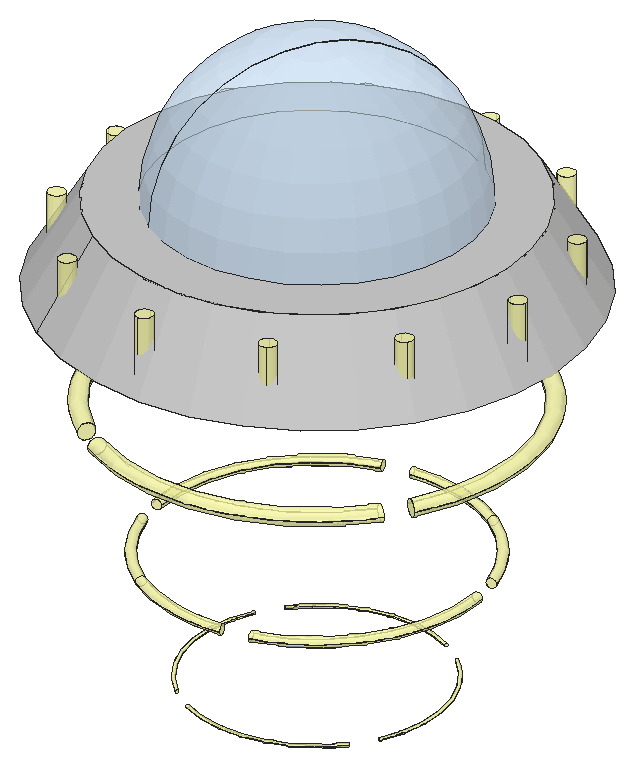
Revit family "UFO", category Generic Models, Revit 2020
Family settings
  Can host rebar = No
  Round Connector Dimension = Use Diameter
  Part Type = Normal
  Work Plane-Based = No
  Always vertical = Yes
  Cut with Voids When Loaded = No
  Shared = No
  Room Calculation Point = No
Parameters (values of type "UFO_main")
  show_beam [instance] = yes
  angle [instance] = 58.00°
  Default Elevation = 0 mm
Reference planes
  plane 1 "Center (Front/Back)": y = 0
  plane 2: z = 0
  plane 3 "Center (Left/Right)": x = 0
Lines and regions (mm)
  reference lines
    curve 1: line (0, 0, 0) -> (1006.847, 1611.291, 0)
Dimensions and locks
  "angle": angle plane 1 "Center (Front/Back)" to curve 1
  aligned and locked: plane 2 to level
  aligned and locked: plane 1 "Center (Front/Back)" to curve 1
  aligned and locked: plane 3 "Center (Left/Right)" to curve 1
Nested families
  nested 1: "UFO_lift" at (0, 0, 0) x (-0.5299, -0.848, 0) z (0.848, -0.5299, 0), show_beam <- "show_beam", type "Family1"
    with show_beam yes
  nested 2: "UFO_unit" at (0, 0, 3000) x (0.5299, 0.848, 0) z (0, 0, 1), type "UFO_unit"
    with show_beam yes
Definition of nested family "UFO_unit"
  Parameters (values of type "UFO_unit")
    show_beam [instance] = yes
    Default Elevation = 0 mm
  Reference planes
    plane 1 "Center (Front/Back)": y = 0
    plane 2: z = 0
    plane 3 "Center (Left/Right)": x = 0
  Forms (mm)
    Blend 1, solid
      base sketch origin (0, 0, 0) x (1, 0, 0) y (0, 1, 0)
        loop
          circle (0, 0) r 1500
      top sketch origin (0, 0, 0) x (1, 0, 0) y (0, 1, 0)
        loop
          circle (0, 0) r 1200
      from 0 to 500
    Revolve 2, solid
      sketch origin (0, 0, 0) x (1, 0, 0) y (0, 0, 1)
        loop
          arc (900, 500) -> (636.396, 1136.396) -> (0, 1400) r 900
          line (0, 1400) -> (0, 500) -> (900, 500)
        axis (0, 1400) -> (0, 500)
      angle from 0 to 360
    Extrusion 3, solid
      sketch origin (-900, 0, 0) x (1, 0, 0) y (0, 1, 0)
        loop
          circle (2234.357, 0) r 50
      from 50 to 400
    Extrusion 4, solid
      sketch origin (-779.423, 450, 0) x (0.866025, -0.5, 0) y (0.5, 0.866025, 0)
        loop
          circle (2234.357, 0) r 50
      from 50 to 400
    Extrusion 5, solid
      sketch origin (-779.423, -450, 0) x (0.866025, 0.5, 0) y (-0.5, 0.866025, 0)
        loop
          circle (2234.357, 0) r 50
      from 50 to 400
    Extrusion 6, solid
      sketch origin (-450, -779.423, 0) x (0.5, 0.866025, 0) y (-0.866025, 0.5, 0)
        loop
          circle (2234.357, 0) r 50
      from 50 to 400
    Extrusion 7, solid
      sketch origin (0, -900, 0) x (0, 1, 0) y (-1, 0, 0)
        loop
          circle (2234.357, 0) r 50
      from 50 to 400
    Extrusion 8, solid
      sketch origin (450, -779.423, 0) x (-0.5, 0.866025, 0) y (-0.866025, -0.5, 0)
        loop
          circle (2234.357, 0) r 50
      from 50 to 400
    Extrusion 9, solid
      sketch origin (779.423, -450, 0) x (-0.866025, 0.5, 0) y (-0.5, -0.866025, 0)
        loop
          circle (2234.357, 0) r 50
      from 50 to 400
    Extrusion 10, solid
      sketch origin (900, 0, 0) x (-1, 0, 0) y (0, -1, 0)
        loop
          circle (2234.357, 0) r 50
      from 50 to 400
    Extrusion 11, solid
      sketch origin (779.423, 450, 0) x (-0.866025, -0.5, 0) y (0.5, -0.866025, 0)
        loop
          circle (2234.357, 0) r 50
      from 50 to 400
    Extrusion 12, solid
      sketch origin (450, 779.423, 0) x (-0.5, -0.866025, 0) y (0.866025, -0.5, 0)
        loop
          circle (2234.357, 0) r 50
      from 50 to 400
    Extrusion 13, solid
      sketch origin (0, 900, 0) x (0, -1, 0) y (1, 0, 0)
        loop
          circle (2234.357, 0) r 50
      from 50 to 400
    Extrusion 14, solid
      sketch origin (-450, 779.423, 0) x (0.5, -0.866025, 0) y (0.866025, 0.5, 0)
        loop
          circle (2234.357, 0) r 50
      from 50 to 400
    Sweep 15, solid, visible <- "show_beam"
      path in 3D
        loop
          arc (-500, 0, 0) -> (0, -500, 0) -> (500, 0, 0) r 500
          arc (500, 0, 0) -> (0, 500, 0) -> (-500, 0, 0) r 500
      profile "profile : DD" origin (0, 500, 0) x (0, -1, 0) y (0, 0, 1)
        loop
          circle (-223.674, -2260.831) r 10
        loop
          circle (-439.289, -1539.443) r 30
        loop
          circle (-704.924, -667.735) r 50
    Extrusion 16, void
      sketch origin (0, 0, 0) x (1, 0, 0) y (0, 1, 0)
        loop
          line (-3806.428, 80) -> (-3806.428, -80) -> (-80, -80) -> (-80, -3806.428) -> (80, -3806.428) -> (80, -80) -> (4573.572, -80) -> (4573.572, 80) -> (80, 80) -> (80, 4573.572) -> (-80, 4573.572) -> (-80, 80) -> (-3806.428, 80)
      from -1241.889 to -175.378
    Extrusion 17, void
      sketch origin (0, 0, 0) x (1, 0, 0) y (0, 1, 0)
        loop
          line (-3806.428, 80) -> (-3806.428, -80) -> (-80, -80) -> (-80, -3806.428) -> (80, -3806.428) -> (80, -80) -> (4573.572, -80) -> (4573.572, 80) -> (80, 80) -> (80, 4573.572) -> (-80, 4573.572) -> (-80, 80) -> (-3806.428, 80)
      from -3613.173 to -1945.284
    Extrusion 18, void
      sketch origin (0, 0, 0) x (0.707107, -0.707107, 0) y (0.707107, 0.707107, 0)
        loop
          line (-3806.428, 80) -> (-3806.428, -80) -> (-80, -80) -> (-80, -3806.428) -> (80, -3806.428) -> (80, -80) -> (4573.572, -80) -> (4573.572, 80) -> (80, 80) -> (80, 4573.572) -> (-80, 4573.572) -> (-80, 80) -> (-3806.428, 80)
      from -1755.291 to -1457.626
  Cuts and joins
    Extrusion 16, Extrusion 17, Extrusion 18 cuts Sweep 15
  Lines and regions (mm)
    reference lines
      curve 1: circle (0, 0, 0) r 500 normal (0, 0, 1)
    sketch lines
      curve 2: circle (0, 0, 0) r 500 normal (0, 0, 1)
  Dimensions and locks
    aligned and locked: plane 2 to level
Definition of nested family "UFO_lift"
  Parameters (values of type "Family1")
    show_beam [instance] = yes
    Default Elevation = 1219.2 mm
  Reference planes
    plane 1 "Center (Front/Back)": y = 0
    plane 2: z = 0
    plane 3 "Center (Left/Right)": x = 0
  Dimensions and locks
    aligned and locked: level to plane 2
  Nested families
    nested 1: "UFO_unit" at (0, -3000, 0) x (-1, 0, 0) z (0, -1, 0), show_beam <- "show_beam", type "UFO_unit"
      with show_beam yes
  Definition of nested family "UFO_unit"
    Parameters (values of type "UFO_unit")
      show_beam [instance] = yes
      Default Elevation = 0 mm
    Reference planes
      plane 1 "Center (Front/Back)": y = 0
      plane 2: z = 0
      plane 3 "Center (Left/Right)": x = 0
    Forms (mm)
      Blend 1, solid
        base sketch origin (0, 0, 0) x (1, 0, 0) y (0, 1, 0)
          loop
            circle (0, 0) r 1500
        top sketch origin (0, 0, 0) x (1, 0, 0) y (0, 1, 0)
          loop
            circle (0, 0) r 1200
        from 0 to 500
      Revolve 2, solid
        sketch origin (0, 0, 0) x (1, 0, 0) y (0, 0, 1)
          loop
            arc (900, 500) -> (636.396, 1136.396) -> (0, 1400) r 900
            line (0, 1400) -> (0, 500) -> (900, 500)
          axis (0, 1400) -> (0, 500)
        angle from 0 to 360
      Extrusion 3, solid
        sketch origin (-900, 0, 0) x (1, 0, 0) y (0, 1, 0)
          loop
            circle (2234.357, 0) r 50
        from 50 to 400
      Extrusion 4, solid
        sketch origin (-779.423, 450, 0) x (0.866025, -0.5, 0) y (0.5, 0.866025, 0)
          loop
            circle (2234.357, 0) r 50
        from 50 to 400
      Extrusion 5, solid
        sketch origin (-779.423, -450, 0) x (0.866025, 0.5, 0) y (-0.5, 0.866025, 0)
          loop
            circle (2234.357, 0) r 50
        from 50 to 400
      Extrusion 6, solid
        sketch origin (-450, -779.423, 0) x (0.5, 0.866025, 0) y (-0.866025, 0.5, 0)
          loop
            circle (2234.357, 0) r 50
        from 50 to 400
      Extrusion 7, solid
        sketch origin (0, -900, 0) x (0, 1, 0) y (-1, 0, 0)
          loop
            circle (2234.357, 0) r 50
        from 50 to 400
      Extrusion 8, solid
        sketch origin (450, -779.423, 0) x (-0.5, 0.866025, 0) y (-0.866025, -0.5, 0)
          loop
            circle (2234.357, 0) r 50
        from 50 to 400
      Extrusion 9, solid
        sketch origin (779.423, -450, 0) x (-0.866025, 0.5, 0) y (-0.5, -0.866025, 0)
          loop
            circle (2234.357, 0) r 50
        from 50 to 400
      Extrusion 10, solid
        sketch origin (900, 0, 0) x (-1, 0, 0) y (0, -1, 0)
          loop
            circle (2234.357, 0) r 50
        from 50 to 400
      Extrusion 11, solid
        sketch origin (779.423, 450, 0) x (-0.866025, -0.5, 0) y (0.5, -0.866025, 0)
          loop
            circle (2234.357, 0) r 50
        from 50 to 400
      Extrusion 12, solid
        sketch origin (450, 779.423, 0) x (-0.5, -0.866025, 0) y (0.866025, -0.5, 0)
          loop
            circle (2234.357, 0) r 50
        from 50 to 400
      Extrusion 13, solid
        sketch origin (0, 900, 0) x (0, -1, 0) y (1, 0, 0)
          loop
            circle (2234.357, 0) r 50
        from 50 to 400
      Extrusion 14, solid
        sketch origin (-450, 779.423, 0) x (0.5, -0.866025, 0) y (0.866025, 0.5, 0)
          loop
            circle (2234.357, 0) r 50
        from 50 to 400
      Sweep 15, solid, visible <- "show_beam"
        path in 3D
          loop
            arc (-500, 0, 0) -> (0, -500, 0) -> (500, 0, 0) r 500
            arc (500, 0, 0) -> (0, 500, 0) -> (-500, 0, 0) r 500
        profile "profile : DD" origin (0, 500, 0) x (0, -1, 0) y (0, 0, 1)
          loop
            circle (-223.674, -2260.831) r 10
          loop
            circle (-439.289, -1539.443) r 30
          loop
            circle (-704.924, -667.735) r 50
      Extrusion 16, void
        sketch origin (0, 0, 0) x (1, 0, 0) y (0, 1, 0)
          loop
            line (-3806.428, 80) -> (-3806.428, -80) -> (-80, -80) -> (-80, -3806.428) -> (80, -3806.428) -> (80, -80) -> (4573.572, -80) -> (4573.572, 80) -> (80, 80) -> (80, 4573.572) -> (-80, 4573.572) -> (-80, 80) -> (-3806.428, 80)
        from -1241.889 to -175.378
      Extrusion 17, void
        sketch origin (0, 0, 0) x (1, 0, 0) y (0, 1, 0)
          loop
            line (-3806.428, 80) -> (-3806.428, -80) -> (-80, -80) -> (-80, -3806.428) -> (80, -3806.428) -> (80, -80) -> (4573.572, -80) -> (4573.572, 80) -> (80, 80) -> (80, 4573.572) -> (-80, 4573.572) -> (-80, 80) -> (-3806.428, 80)
        from -3613.173 to -1945.284
      Extrusion 18, void
        sketch origin (0, 0, 0) x (0.707107, -0.707107, 0) y (0.707107, 0.707107, 0)
          loop
            line (-3806.428, 80) -> (-3806.428, -80) -> (-80, -80) -> (-80, -3806.428) -> (80, -3806.428) -> (80, -80) -> (4573.572, -80) -> (4573.572, 80) -> (80, 80) -> (80, 4573.572) -> (-80, 4573.572) -> (-80, 80) -> (-3806.428, 80)
        from -1755.291 to -1457.626
    Cuts and joins
      Extrusion 16, Extrusion 17, Extrusion 18 cuts Sweep 15
    Lines and regions (mm)
      reference lines
        curve 1: circle (0, 0, 0) r 500 normal (0, 0, 1)
      sketch lines
        curve 2: circle (0, 0, 0) r 500 normal (0, 0, 1)
    Dimensions and locks
      aligned and locked: plane 2 to level
